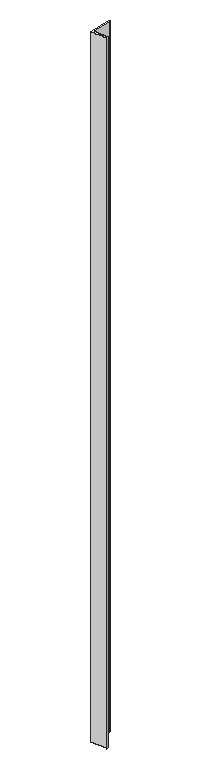
Revit family "Ângulos em L desiguais - Coluna", category Pilares estruturais, Revit 2019
Family settings
  Forma do corte = Não definido
  Material para o comportamento do modelo = Aço
  Exportar sempre como geometria = Não
  Redução da viga na planta = Da caixa de vinculação
  Corte com vazios quando carregada = Não
  Representação simbólica = Das configurações de projeto
  Compartilhado = Não
  Exibir o pré-corte da família na vista da planta = Sim
Parameters (values of type "L89x64x6.4")
  x = 15.5 mm
  y = 28.2 mm
  t = 6.4 mm
  r2 = t  # 6.4 mm
  r1 = t  # 6.4 mm
  d = 89 mm
  b = 64 mm
  W = 0.00729
  Structural Material [instance] = Metal - Aço - 250 MPa
  A = 0.000929 m²
Reference planes
  plane 1 "Centro (Frente/Trás)": y = 0
  plane 2: z = 0
  plane 3 "Centro (Esquerda/Direita)": x = 0
  plane 4 "Esquerda": x = -15.5
  plane 5 "Direita": x = 48.5
  plane 6 "Parte posterior": y = 60.8
  plane 7 "Parte frontal": y = -28.2
  plane 8: y = -21.8
  plane 9: x = -9.1
Forms (mm)
  Extrusion 1, solid, material "Metal - Aço - 250 MPa" <- "Structural Material", detail levels medium
    sketch origin (0, 0, 0) x (1, 0, 0) y (0, 1, 0)
      loop
        line (-9.1, 60.8) -> (-15.5, 60.8) -> (-15.5, -28.2) -> (48.5, -28.2) -> (48.5, -21.8) -> (-9.1, -21.8) -> (-9.1, 60.8)
    from 0 to 2500
  Extrusion 2, solid, material "Metal - Aço - 250 MPa" <- "Structural Material", detail levels fine
    sketch origin (0, 0, 0) x (1, 0, 0) y (0, 1, 0)
      loop
        line (-15.5, 60.8) -> (-15.5, -28.2) -> (48.5, -28.2)
        arc (48.5, -28.2) -> (46.625, -23.675) -> (42.1, -21.8) r 6.4
        line (42.1, -21.8) -> (-2.7, -21.8)
        arc (-2.7, -21.8) -> (-7.225, -19.925) -> (-9.1, -15.4) r 6.4
        line (-9.1, -15.4) -> (-9.1, 54.4)
        arc (-9.1, 54.4) -> (-10.975, 58.925) -> (-15.5, 60.8) r 6.4
    from 0 to 2500
Lines and regions (mm)
  symbolic lines, style "Faces ocultas", detail levels medium+fine
    curve 1: line (-9.1, 60.8, 2500) -> (-9.1, 60.8, 0)
  symbolic lines, style "HiddenStructuralColumnLines", detail levels medium+fine
    curve 2: line (-15.5, -21.8, 2500) -> (-15.5, -21.8, 0)
  symbolic lines, style "StructuralColumnStickSymbols", detail levels coarse
    curve 3: line (-15.5, 60.8, 0) -> (-15.5, -28.2, 0)
    curve 4: line (-15.5, -28.2, 0) -> (48.5, -28.2, 0)
Dimensions and locks
  "b": plane 4 "Esquerda" to plane 5 "Direita"
  "d": plane 7 "Parte frontal" to plane 6 "Parte posterior"
  "t": plane 8 to plane 7 "Parte frontal"
  "t": plane 4 "Esquerda" to plane 9
  "x": plane 4 "Esquerda" to plane 3 "Centro (Esquerda/Direita)"
  "y": plane 7 "Parte frontal" to plane 1 "Centro (Frente/Trás)"
  "r1": radius of Extrusion 2 sketch curve  (x2)
  "r2": radius of Extrusion 2 sketch curve
  aligned and locked: level to plane 2
  aligned and locked: level to curve 1
  aligned and locked: plane 2 to curve 1
  aligned and locked: plane 9 to curve 1
  aligned and locked: plane 2 to curve 2
  aligned and locked: level to curve 2
  aligned and locked: plane 6 "Parte posterior" to Extrusion 1 sketch curve
  aligned and locked: plane 9 to Extrusion 1 sketch curve
  aligned and locked: Extrusion 1 sketch curve to plane 4 "Esquerda"
  aligned and locked: Extrusion 1 sketch curve to plane 8
  aligned and locked: plane 5 "Direita" to Extrusion 1 sketch curve
  aligned and locked: Extrusion 1 sketch curve to plane 7 "Parte frontal"
  aligned and locked: level to Extrusion 1
  aligned and locked: Extrusion 1 to level
  aligned and locked: curve 3 to Extrusion 1
  aligned and locked: curve 4 to Extrusion 1
  aligned and locked: plane 4 "Esquerda" to curve 4
  aligned and locked: plane 5 "Direita" to curve 4
  aligned and locked: plane 7 "Parte frontal" to curve 4
  aligned and locked: plane 6 "Parte posterior" to curve 3
  aligned and locked: Extrusion 2 sketch curve to Extrusion 1  (x2)
  aligned and locked: Extrusion 1 to Extrusion 2 sketch curve  (x2)
  aligned and locked: level to Extrusion 2
  aligned and locked: Extrusion 2 to level
Automatic sketch dimensions
  curve 2 to plane 8 = 0 mm
  plane 6 "Parte posterior" to Extrusion 2 sketch curve = 0 mm  (x2)
  Extrusion 2 sketch curve to plane 5 "Direita" = 0 mm  (x2)
Types in the file's own list only (40): name | x | y | t | r2 | r1 | d | b | W | A
  L89x64x7.9 | 16 mm | 29 mm | 8 mm | 8 mm | 8 mm | 89 mm | 64 mm | 0.00908 | 0.00 m²
  L89x64x9.5 | 17 mm | 30 mm | 10 mm | 10 mm | 10 mm | 89 mm | 64 mm | 0.01071 | 0.00 m²
  L102x76x7.9 | 19 mm | 32 mm | 8 mm | 8 mm | 8 mm | 102 mm | 76 mm | 0.01071 | 0.00 m²
  L102x76x9.5 | 20 mm | 33 mm | 10 mm | 10 mm | 10 mm | 102 mm | 76 mm | 0.01265 | 0.00 m²
  L102x76x11.1 | 20 mm | 33 mm | 11 mm | 11 mm | 11 mm | 102 mm | 76 mm | 0.01458 | 0.00 m²
  L102x76x12.7 | 21 mm | 34 mm | 13 mm | 13 mm | 13 mm | 102 mm | 76 mm | 0.01652 | 0.00 m²
  L102x89x6.4 | 23 mm | 30 mm | 6 mm | 6 mm | 6 mm | 102 mm | 89 mm | 0.00908 | 0.00 m²
  L102x89x7.9 | 24 mm | 30 mm | 8 mm | 8 mm | 8 mm | 102 mm | 89 mm | 0.01146 | 0.00 m²
  L102x89x9.5 | 24 mm | 31 mm | 10 mm | 10 mm | 10 mm | 102 mm | 89 mm | 0.01354 | 0.00 m²
  L102x89x11.1 | 25 mm | 31 mm | 11 mm | 11 mm | 11 mm | 102 mm | 89 mm | 0.01577 | 0.00 m²
  L102x89x12.7 | 25 mm | 32 mm | 13 mm | 13 mm | 13 mm | 102 mm | 89 mm | 0.01771 | 0.00 m²
  L127x89x7.9 | 21 mm | 40 mm | 8 mm | 8 mm | 8 mm | 127 mm | 89 mm | 0.01295 | 0.00 m²
  L127x89x9.5 | 22 mm | 41 mm | 10 mm | 10 mm | 10 mm | 127 mm | 89 mm | 0.01548 | 0.00 m²
  L127x89x11.1 | 22 mm | 41 mm | 11 mm | 11 mm | 11 mm | 127 mm | 89 mm | 0.01786 | 0.00 m²
  L127x89x12.7 | 23 mm | 42 mm | 13 mm | 13 mm | 13 mm | 127 mm | 89 mm | 0.02024 | 0.00 m²
  L127x89x14.3 | 24 mm | 43 mm | 14 mm | 14 mm | 14 mm | 127 mm | 89 mm | 0.02262 | 0.00 m²
  L127x89x15.9 | 24 mm | 43 mm | 16 mm | 16 mm | 16 mm | 127 mm | 89 mm | 0.025 | 0.00 m²
  L127x89x17.5 | 25 mm | 44 mm | 18 mm | 18 mm | 18 mm | 127 mm | 89 mm | 0.02723 | 0.00 m²
  L127x89x19.1 | 25 mm | 45 mm | 19 mm | 19 mm | 19 mm | 127 mm | 89 mm | 0.02947 | 0.00 m²
  L152x102x9.5 | 24 mm | 49 mm | 10 mm | 10 mm | 10 mm | 152 mm | 102 mm | 0.0183 | 0.00 m²
  L152x102x11.1 | 24 mm | 50 mm | 11 mm | 11 mm | 11 mm | 152 mm | 102 mm | 0.02128 | 0.00 m²
  L152x102x12.7 | 25 mm | 51 mm | 13 mm | 13 mm | 13 mm | 152 mm | 102 mm | 0.02411 | 0.00 m²
  L152x102x14.3 | 26 mm | 51 mm | 14 mm | 14 mm | 14 mm | 152 mm | 102 mm | 0.02694 | 0.00 m²
  L152x102x15.9 | 26 mm | 52 mm | 16 mm | 16 mm | 16 mm | 152 mm | 102 mm | 0.02976 | 0.00 m²
  L152x102x17.5 | 27 mm | 52 mm | 18 mm | 18 mm | 18 mm | 152 mm | 102 mm | 0.03244 | 0.00 m²
  L152x102x19.1 | 27 mm | 53 mm | 19 mm | 19 mm | 19 mm | 152 mm | 102 mm | 0.03512 | 0.00 m²
  L178x102x12.7 | 23 mm | 62 mm | 13 mm | 13 mm | 13 mm | 178 mm | 102 mm | 0.02664 | 0.00 m²
  L178x102x14.3 | 24 mm | 62 mm | 14 mm | 14 mm | 14 mm | 178 mm | 102 mm | 0.02976 | 0.00 m²
  L178x102x15.9 | 24 mm | 63 mm | 16 mm | 16 mm | 16 mm | 178 mm | 102 mm | 0.03289 | 0.00 m²
  L178x102x17.5 | 25 mm | 63 mm | 18 mm | 18 mm | 18 mm | 178 mm | 102 mm | 0.03601 | 0.00 m²
  L178x102x19.1 | 26 mm | 64 mm | 19 mm | 19 mm | 19 mm | 178 mm | 102 mm | 0.03899 | 0.00 m²
  L203x102x12.7 | 22 mm | 73 mm | 13 mm | 13 mm | 13 mm | 203 mm | 102 mm | 0.02917 | 0.00 m²
  L203x102x14.3 | 22 mm | 73 mm | 14 mm | 14 mm | 14 mm | 203 mm | 102 mm | 0.03259 | 0.00 m²
  L203x102x15.9 | 23 mm | 74 mm | 16 mm | 16 mm | 16 mm | 203 mm | 102 mm | 0.03601 | 0.00 m²
  L203x102x17.5 | 24 mm | 74 mm | 18 mm | 18 mm | 18 mm | 203 mm | 102 mm | 0.03944 | 0.01 m²
  L203x102x19.1 | 24 mm | 75 mm | 19 mm | 19 mm | 19 mm | 203 mm | 102 mm | 0.04271 | 0.01 m²
  L203x102x20.6 | 25 mm | 76 mm | 21 mm | 21 mm | 21 mm | 203 mm | 102 mm | 0.04613 | 0.01 m²
  L203x102x22.2 | 25 mm | 76 mm | 22 mm | 22 mm | 22 mm | 203 mm | 102 mm | 0.04926 | 0.01 m²
  L203x102x23.8 | 26 mm | 77 mm | 24 mm | 24 mm | 24 mm | 203 mm | 102 mm | 0.05253 | 0.01 m²
  L203x102x25.4 | 27 mm | 78 mm | 25 mm | 25 mm | 25 mm | 203 mm | 102 mm | 0.05566 | 0.01 m²
